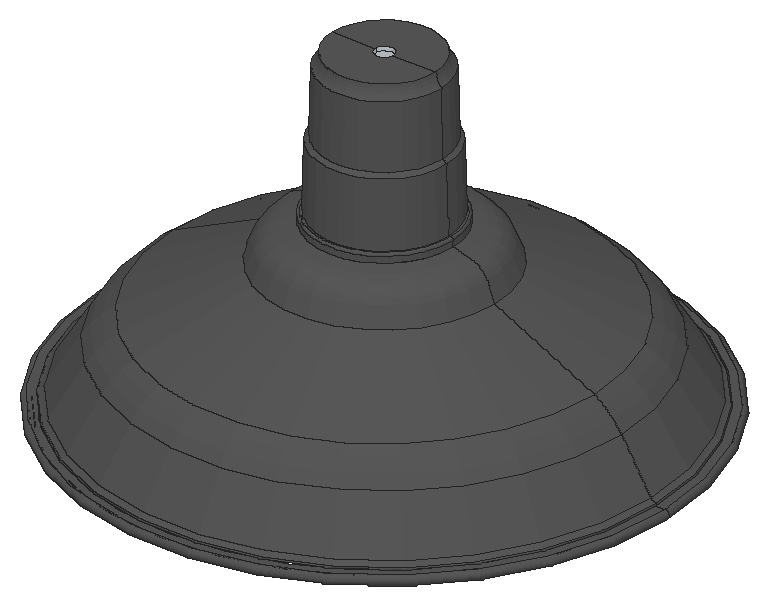
Revit family "W516X SHADE", category Lighting Fixtures, Revit 2024
Family settings
  Round Connector Dimension = Use Diameter
  Part Type = Normal
  OmniClass Number = 23.80.70.00
  OmniClass Title = Lighting
  Work Plane-Based = No
  Always vertical = Yes
  Cut with Voids When Loaded = No
  Light Source = Yes
  Maintain Annotation Orientation = No
  Shared = No
  Room Calculation Point = No
Parameters
  Wattage = 12.1178 W
  built-in parameter 1150110 = 1 (stored number, unit not read)
  built-in parameter 1114217 = 1 (stored number, unit not read)
  built-in parameter 1150109 = 1 (stored number, unit not read)
  built-in parameter 1150134 = (empty or 0)
  built-in parameter 1150113 = 1 (stored number, unit not read)
  Lumens = 1800 lm
  built-in parameter 1150115 = 1 (stored number, unit not read)
  built-in parameter 1150105 = 572.96 (stored number, unit not read)
  Light Source Symbol Size = 2' - 0"
  built-in parameter 1150137 = (empty or 0)
  built-in parameter 1150139 = (empty or 0)
  built-in parameter 1150112 = 1 (stored number, unit not read)
  built-in parameter 1150114 = 1 (stored number, unit not read)
  built-in parameter 1150132 = 2
  built-in parameter 1150102 = (empty or 0)
  built-in parameter 1150138 = (empty or 0)
  built-in parameter 1150107 = 3000 (stored number, unit not read)
  built-in parameter 1150106 = 5.7296 (stored number, unit not read)
  built-in parameter 1150104 = 13.8 (stored number, unit not read)
  Dimming Lamp Color Temperature Shift = (empty or 0)
  Default Elevation = 0' - 0"
  Color Filter = 16777215
  built-in parameter 1114218 = 1 (stored number, unit not read)
  built-in parameter 1150133 = 10 (stored number, unit not read)
Reference planes (in)
  plane 1 "Light Source Axis (F/B)": y = 0
  plane 2: z = 0
  plane 3 "Light Source Axis (L/R)": x = 0
  plane 4 "Light Source Elevation": z = 84
Forms (in)
  Revolve 1, solid
    sketch origin (0, 0, 0) x (1, 0, 0) y (0, 0, 1)
      loop
        line (-7.75397, 84.15625) -> (-7.625, 84.15625) -> (-7.57949, 84.21076)
        arc (-7.57949, 84.21076) -> (-7.49104, 84.26923) -> (-7.41177, 84.33965) r 0.74597
        line (-7.41177, 84.33965) -> (-6.58575, 85.64585)
        arc (-6.58575, 85.64585) -> (-6.26263, 86.05013) -> (-5.85883, 86.37385) r 2.34899
        arc (-5.85883, 86.37385) -> (-4.46663, 87.06794) -> (-3.03903, 87.68598) r 28.84489
        spline (-3.03903, 87.68598) -> (-2.95588, 87.92306) -> (-2.88975, 88.08247) -> (-2.83485, 88.19167) -> (-2.78594, 88.27272) -> (-2.73825, 88.33599) -> (-2.68453, 88.39297) -> (-2.62088, 88.44822) -> (-2.54577, 88.50019) -> (-2.45609, 88.54765) -> (-2.33383, 88.59181) -> (-2.13894, 88.63795) -> (-1.83734, 88.68836)
        line (-1.83734, 88.68836) -> (-1.83734, 88.9062) -> (-1.71016, 88.9062) -> (-1.67791, 90.75365) -> (-1.55702, 90.8481) -> (-1.52614, 92.61706)
        arc (-1.52614, 92.61706) -> (-1.42866, 92.75177) -> (-1.36711, 92.90625) r 0.67438
        line (-1.36711, 92.90625) -> (-0.25, 92.90625) -> (-0.25, 93) -> (-1.44405, 93)
        arc (-1.44405, 93) -> (-1.50224, 92.81313) -> (-1.61922, 92.65621) r 0.58063
        line (-1.61922, 92.65621) -> (-1.64997, 90.89445) -> (-1.77086, 90.8) -> (-1.80228, 88.99995) -> (-1.86859, 88.99995)
        arc (-1.86859, 88.99995) -> (-1.91278, 88.98164) -> (-1.93109, 88.93745) r 0.0625
        line (-1.93109, 88.93745) -> (-1.93109, 88.77025)
        spline (-1.93109, 88.77025) -> (-2.19983, 88.72607) -> (-2.37886, 88.6827) -> (-2.49996, 88.63722) -> (-2.59353, 88.58692) -> (-2.67299, 88.5317) -> (-2.74052, 88.47324) -> (-2.79836, 88.41227) -> (-2.85089, 88.34327) -> (-2.90332, 88.25813) -> (-2.96091, 88.14664) -> (-3.02922, 87.98777) -> (-3.11387, 87.75693)
        arc (-3.11387, 87.75693) -> (-4.52728, 87.14311) -> (-5.90602, 86.45493) r 28.93864
        arc (-5.90602, 86.45493) -> (-6.3277, 86.11765) -> (-6.66498, 85.69596) r 2.44274
        line (-6.66498, 85.69596) -> (-7.48556, 84.39837)
        arc (-7.48556, 84.39837) -> (-7.55306, 84.33984) -> (-7.62792, 84.29109) r 0.65222
        arc (-7.62792, 84.29109) -> (-7.64305, 84.27333) -> (-7.64288, 84.25) r 0.03342
        line (-7.64288, 84.25) -> (-7.875, 84.25)
        arc (-7.875, 84.25) -> (-7.95155, 84.02618) -> (-7.75397, 84.15625) r 0.125
      axis (0, 84.15625) -> (0, 93)
    angle from 0 to 360
Dimensions and locks (in)
  aligned and locked: plane 3 "Light Source Axis (L/R)" to imposter light
  aligned and locked: plane 1 "Light Source Axis (F/B)" to imposter light
  aligned and locked: plane 4 "Light Source Elevation" to imposter light
  aligned and locked: level to plane 2
